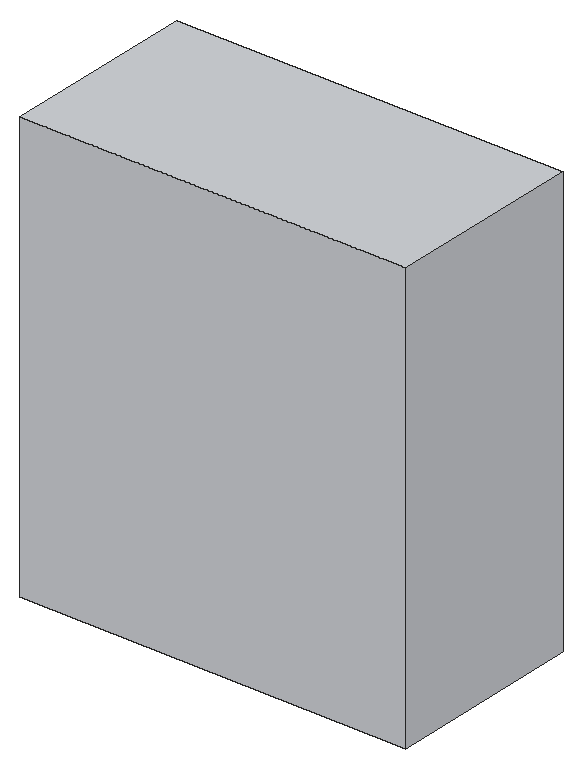
Revit family
Parameters
  Warranty Duration (Years) = 0
  Unit Width [instance] = 0' - 1 1/2"
  Unit Height [instance] = 0' - 9 99/256"
  Unit Depth = 0' - 0"
  URL = "http://www.americanspecialties.com/viewCategories.cfm"
  Trim Material = Metal - Stainless Steel w/satin
  Test Data = ""
  Specification = "http://www.arcat.com/sdspecs/htm/10810asi.htm"
  SpecWizard = ""
  Send Message = "http://www.arcat.com/users.pl?action=UserEmail&company=American%20Specialties,%20Inc.&coid=30448&rep=139&fax=914-476-0688&mf="
  Sales Information = "http://www.americanspecialties.com/contact"
  Revision = "R1_10-2010"
  Product Properties = "http://www.americanspecialties.com/datasheets/1201.pdf"
  Product Data = "http://www.arcat.com/arcatcos/cos30/arc30448.html"
  Model = "As Specified in 10 28 13"
  Manufacturer Website = "http://www.americanspecialties.com/viewCategories.cfm"
  Manufacturer Phone - Toll Free = ""
  Manufacturer Phone = "914-476-9000 "
  Manufacturer Fax = "914-476-0688"
  Manufacturer Address = "441 Saw Mill River Rd., Yonkers, NY 10701"
  Manufacturer = "American Specialties, Inc."
  Maintenance Schedule (Months) = 0
  Keynote = "10 28 13"
  Installation-Fabrication = "http://www.americanspecialties.com/products.cfm"
  Green Building-LEED = ""
  Expected Lifespan (Years) = 0
  Drawn By = "Robert S. Weygant. CSI, CDT, SCIP"  # constant formula
  Description = "Toilet Accessory as Specified in 10 28 13"
  Default Elevation = 4' - 0"
  Copyright = "©Arcat Inc."
  Construction Details = "http://www.arcat.com/green/clients/leed_data_30448.html"
  Building Codes = "http://www.americanspecialties.com/products.cfm"
  Body Material = Metal - Stainless Steel w/satin
  Assembly Code = "C1030210"
Reference planes (in)
  plane 1 "Center (Front/Back)": y = -0.29112
  plane 2 "Floor Line": z = 0
  plane 3 "Center (Left/Right)": x = -0.65843
  plane 4: x = -1.40843
  plane 5: x = 0.09157
  plane 6: x = -32.15843
Forms (in)
  Extrusion 1, solid
    sketch origin (-24.40843, -9, -6) x (0, 0, -1) y (1, 0, 0)
      loop
        line (-82, 26) -> (-82, -42.0824) -> (-6, -42.0824) -> (-6, 26) -> (-82, 26)
    from 9 to -25.60721
  Extrusion 2, solid, material "Metal - Stainless Steel w/satin" <- "Body Material"
    sketch origin (0, 0.95888, 0) x (1, 0, 0) y (0, 0, 1)
      loop
        line (-1.40843, 0) -> (0.09157, 0) -> (0.09157, 0.75) -> (-0.04163, 0.75)
        arc (-0.04163, 0.75) -> (-0.65843, 1.36681) -> (-1.27524, 0.75) r 0.61681
        line (-1.27524, 0.75) -> (-1.40843, 0.75) -> (-1.40843, 0)
    from 0 to 2.5
  Sweep 3, solid, material "Metal - Stainless Steel w/satin" <- "Body Material"
    path origin (-64.27346, -0.29112, -0.2462) x (-1, 0, 0) y (0, 0, 1)
      loop
        arc (-0.65523, 0.74781) -> (-2.11338, 1.69173) -> (-3.60022, 2.58976) r 55.76246
    profile origin (-62.16008, -0.29112, 1.44552) x (-0.530275, 0, 0.847826) y (0, -1, 0)
      loop
        circle (0.10524, 0) r 0.625
      loop
        circle (0.10524, 0) r 0.6875
  Extrusion 4, solid, material "Metal - Stainless Steel w/satin" <- "Body Material"
    sketch origin (-64.31687, 0.95888, 0) x (-1, 0, 0) y (0, 0, -1)
      loop
        line (-1.40843, 0) -> (-1.40843, -0.75) -> (-1.27524, -0.75)
        arc (-1.27524, -0.75) -> (-0.65843, -1.36681) -> (-0.04163, -0.75) r 0.61681
        line (-0.04163, -0.75) -> (0.09157, -0.75) -> (0.09157, 0) -> (-1.40843, 0)
    from 0 to 2.5
  Sweep 5, solid, material "Metal - Stainless Steel w/satin" <- "Body Material"
    path origin (0, -0.29112, 0) x (1, 0, 0) y (0, 0, 1)
      loop
        arc (-61.9538, 1.70555) -> (-32.15678, 10.21875) -> (-2.36307, 1.69397) r 56.36451
    profile origin (-32.15678, -0.29112, 10.21875) x (0.000194, 0, 1) y (0, -1, 0)
      loop
        circle (0, 0) r 0.625
  Sweep 6, solid, material "Metal - Stainless Steel w/satin" <- "Body Material"
    path origin (-0.04341, -0.29112, -0.2462) x (1, 0, 0) y (0, 0, 1)
      loop
        arc (-0.65523, 0.74781) -> (-2.11338, 1.69173) -> (-3.60022, 2.58976) r 55.76246
    profile origin (-2.15679, -0.29112, 1.44552) x (-0.530275, 0, -0.847826) y (0, -1, 0)
      loop
        circle (-0.10524, 0) r 0.625
      loop
        circle (-0.10524, 0) r 0.6875
  Extrusion 7, solid, material "Metal - Stainless Steel w/satin" <- "Body Material"
    sketch origin (0, -0.34515, 0) x (1, 0, 0) y (0, 0, 1)
      loop
        circle (-63.65843, 0.75) r 0.14825
      loop
        circle (-0.65843, 0.75) r 0.14825
    from -1.40642 to 1.26859
  Extrusion 8, solid, material "Metal - Stainless Steel w/satin" <- "Body Material"
    sketch origin (2.6264, -0.40249, 1.51707) x (1, 0, 0) y (0, 0, 1)
      loop
        circle (-63.65843, 0.75) r 0.14825
      loop
        circle (-5.91123, 0.75) r 0.14825
    from -0.86523 to 0.66906
Cuts and joins
  joined: Extrusion 2, Sweep 3, Extrusion 4, Sweep 6, Extrusion 7, Extrusion 8
Dimensions and locks (in)
  equal spacing: plane 5, plane 3 "Center (Left/Right)", plane 4
  "Unit Width": plane 5 to plane 4
  Extrusion 2 sketch curve to Extrusion 2 sketch curve = 0' - 1 1/2"
  "Unit Width": Extrusion 2 sketch curve to Extrusion 2 sketch curve
  locked: Extrusion 2 to Extrusion 2 at 2.5
  Extrusion 4 sketch curve to Extrusion 4 sketch curve = 0' - 1 1/2"
  "Unit Width": Extrusion 4 sketch curve to Extrusion 4 sketch curve
  locked: Extrusion 4 to Extrusion 4 at 2.5
  aligned and locked: Extrusion 1 to level
Automatic sketch dimensions
  Extrusion 1 sketch curve to Extrusion 1 sketch curve = 6' - 4"
  Extrusion 1 sketch curve to Extrusion 1 sketch curve = 5' - 8.0824"
  Extrusion 2 sketch curve to level = 0' - 0"
  Extrusion 2 sketch curve to plane 4 = 0' - 0"
  Extrusion 2 sketch curve to plane 3 "Center (Left/Right)" = 0' - 0"
  Extrusion 2 sketch curve to Extrusion 2 sketch curve = 0' - 0.13319"
  level to Extrusion 2 sketch curve = 0' - 0 3/4"
  plane 6 to Sweep 3 sketch curve = 0' - 0.43218"
  Sweep 3 sketch curve to level = 0' - 2.34356"
  plane 6 to Sweep 3 sketch curve = 2' - 4.5148"
  Sweep 3 sketch curve to level = 0' - 0.50161"
  Sweep 3 sketch curve to Sweep 3 sketch curve = 0' - 2.94498"
  Sweep 3 sketch curve to Sweep 3 sketch curve = 0' - 0"  (x2)
  Sweep 3 sketch curve to plane 1 "Center (Front/Back)" = 0' - 0"
  Sweep 3 sketch curve to profile plane = 0' - 0.10524"
  Extrusion 4 sketch curve to level = 0' - 0"
  Extrusion 4 sketch curve to plane 6 = 2' - 6 3/4"
  Extrusion 4 sketch curve to Extrusion 4 sketch curve = 0' - 0.13319"
  Extrusion 4 sketch curve to Extrusion 4 sketch curve = 0' - 0.61681"
  level to Extrusion 4 sketch curve = 0' - 0 3/4"
  level to Sweep 5 sketch curve = 0' - 1.70555"
  Sweep 5 sketch curve to plane 6 = 2' - 5.79537"
  Sweep 5 sketch curve to plane 6 = 0' - 0.0093"
  Sweep 5 sketch curve to plane 4 = 0' - 0.95463"
  level to Sweep 5 sketch curve = 0' - 1.69397"
  Sweep 5 sketch curve to plane 1 "Center (Front/Back)" = 0' - 0"
  profile plane to Sweep 5 sketch curve = 0' - 0"
  plane 6 to Sweep 6 sketch curve = 0' - 0.43218"
  Sweep 6 sketch curve to plane 4 = 0' - 2.2352"
  Sweep 6 sketch curve to plane 3 "Center (Left/Right)" = 0' - 0.04021"
  Sweep 6 sketch curve to level = 3' - 9.83132"
  level to Sweep 6 sketch curve = 0' - 0.50161"
  Sweep 6 sketch curve to Sweep 6 sketch curve = 0' - 0"  (x2)
  Sweep 6 sketch curve to plane 1 "Center (Front/Back)" = 0' - 0"
  profile plane to Sweep 6 sketch curve = 0' - 0.10524"
  Extrusion 7 sketch curve to plane 3 "Center (Left/Right)" = 0' - 0"
  level to Extrusion 7 sketch curve = 0' - 0 3/4"  (x2)
  Extrusion 7 sketch curve to plane 6 = 2' - 7 1/2"
  level to Extrusion 8 sketch curve = 0' - 2.26707"  (x2)
  Extrusion 8 sketch curve to plane 6 = 2' - 4.8736"
  Extrusion 8 sketch curve to plane 4 = 0' - 1.8764"
  radius of Sweep 3 sketch curve = 0' - 0 5/8"
  radius of Sweep 3 sketch curve = 0' - 0 11/16"
  radius of Sweep 5 sketch curve = 0' - 0 5/8"
  radius of Sweep 6 sketch curve = 0' - 0 5/8"
  radius of Sweep 6 sketch curve = 0' - 0 11/16"
  radius of Extrusion 7 sketch curve = 0' - 0.14825"  (x2)
  radius of Extrusion 8 sketch curve = 0' - 0.14825"  (x2)
